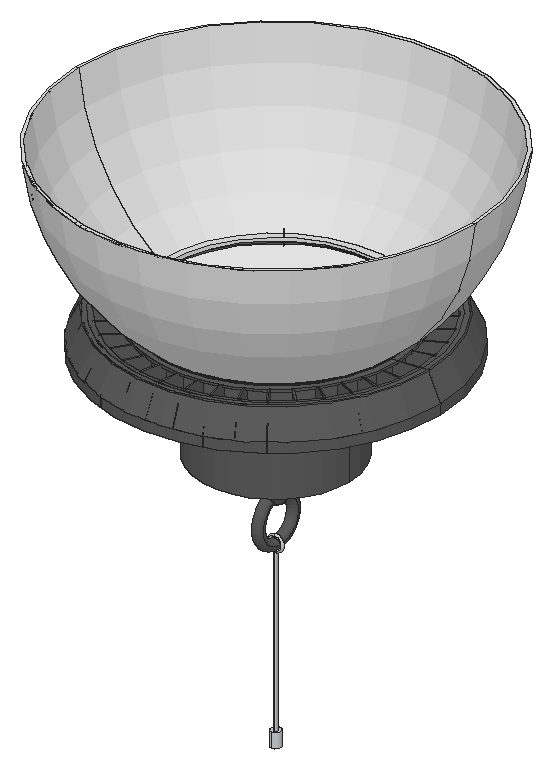
Revit family "0039367+0039359 Sylvania Lighting Fixture START HighBay IP65 DALI 26000lm 840 WB with ALU SHADE ALU COLOR FOR 26KLM pendant", category Lighting Fixtures, host Face, Revit 2017
Family settings
  Host = Face
  Round Connector Dimension = Use Diameter
  Part Type = Normal
  OmniClass Number = 23.80.70.00
  OmniClass Title = Lighting
  Cut with Voids When Loaded = No
  Light Source = Yes
  Shared = No
  Room Calculation Point = No
Parameters (values of type "0039367+0039359 START HighBay IP65 DALI 26000lm 840 WB with ALU SHADE ALU COLOR FOR 26KLM")
  WidthStraight_FEILO = if(SizeS_FEILO, 3 mm, if(SizeM_FEILO, 4 mm, 4.7 mm))  # 4.7 mm
  WidthRingChamfer_FEILO = if(SizeS_FEILO, 10.3 mm, if(SizeM_FEILO, 11.2 mm, 12.9 mm))  # 12.9 mm
  WidthCurved_FEILO = if(SizeS_FEILO, 17.4 mm, if(SizeM_FEILO, 16.4 mm, 26.2 mm))  # 26.2 mm
  WidthCurvedRing_FEILO = if(SizeS_FEILO, 3 mm, if(SizeM_FEILO, 4 mm, 4.7 mm))  # 4.7 mm
  WidthBracket_FEILO = 40 mm
  Weight = "3.7 kg"
  Wattage Comments = ""
  Wattage = 190 W
  WarrantyStartDate [instance] = "n/a"
  WarrantyGuarantorParts = "n/a"
  WarrantyDurationUnit = "n/a"
  WarrantyDurationParts = "n/a"
  WarrantyDescription = "n/a"
  built-in parameter 1150110 = 1 (stored number, unit not read)
  Voltage = 0 V
  VisibilityBracket_FEILO = no
  URL = "http://www.sylvania-lighting.com"
  TypeName = "START HighBay IP65 DALI 26000lm 840 WB with ALU SHADE ALU COLOR FOR 26KLM"
  Type Image = <None>
  Type Comments = "n/a"
  built-in parameter 1114217 = 1 (stored number, unit not read)
  Tilt Angle = -90.00°
  ThicknessWall_FEILO = 1.5 mm
  ThicknessBracket_FEILO = 1.5 mm
  ThicknessBracketHalf_FEILO = ThicknessBracket_FEILO / 2  # 0.75 mm
  built-in parameter 1150109 = 1 (stored number, unit not read)
  built-in parameter 1150134 = 1
  SuspensionHeight_FEILO [instance] = 400 mm
  built-in parameter 1150113 = 1 (stored number, unit not read)
  SizeS_FEILO = no
  SizeM_FEILO = no
  ShadeThickness_FEILO = 3 mm
  ShadeSizeSM_FEILO = or(SizeS_FEILO, SizeM_FEILO)  # no
  ShadeRadiusOut_FEILO = 205 mm
  ShadeRadiusIn_FEILO = if(ShadeSizeSM_FEILO, 95 mm, 121 mm)  # 121 mm
  ShadeRadiusBend_FEILO = if(ShadeSizeSM_FEILO, 210 mm, 210 mm)  # 210 mm
  ShadeHeight_FEILO = if(ShadeSizeSM_FEILO, 120 mm, 151 mm)  # 151 mm
  SerialNumber [instance] = "n/a"
  Rib4_FEILO = if(SizeS_FEILO, 18.1 mm, if(SizeM_FEILO, 13.6 mm, 14.6 mm))  # 14.6 mm
  Rib3_FEILO = if(SizeS_FEILO, 15.3 mm, if(SizeM_FEILO, 17.6 mm, 20.2 mm))  # 20.2 mm
  Rib2_FEILO = if(SizeS_FEILO, 3.6 mm, if(SizeM_FEILO, 3.9 mm, 4.5 mm))  # 4.5 mm
  Rib1_FEILO = if(SizeS_FEILO, 15.1 mm, if(SizeM_FEILO, 16.5 mm, 19 mm))  # 19 mm
  RadiusDiffuser_FEILO = if(SizeS_FEILO, 95.2 mm, if(SizeM_FEILO, 105.3 mm, 120 mm))  # 120 mm
  RadiusArrayPost_FEILO = DriverRadius_FEILO - 6 mm  # 70.4 mm
  RHRadius3_FEILO = if(SizeS_FEILO, 6.6 mm, if(SizeM_FEILO, 7.4 mm, 8.6 mm))  # 8.6 mm
  RHRadius2_FEILO = if(SizeS_FEILO, 11 mm, if(SizeM_FEILO, 12 mm, 14 mm))  # 14 mm
  RHRadius1_FEILO = if(SizeS_FEILO, 13.6 mm, if(SizeM_FEILO, 14.9 mm, 17.7 mm))  # 17.7 mm
  RHHeight4_FEILO = if(SizeS_FEILO, 7.3 mm, if(SizeM_FEILO, 8 mm, 9.2 mm))  # 9.2 mm
  RHHeight3_FEILO = if(SizeS_FEILO, 3.6 mm, if(SizeM_FEILO, 3.7 mm, 4.6 mm))  # 4.6 mm
  RHHeight2_FEILO = if(SizeS_FEILO, 2 mm, if(SizeM_FEILO, 2.2 mm, 2.6 mm))  # 2.6 mm
  RHHeight1_FEILO = if(SizeS_FEILO, 11.8 mm, if(SizeM_FEILO, 15.3 mm, 17.4 mm))  # 17.4 mm
  Photometric Web File = "0039367+0039359.ies"
  Material_5_FEILO = Shade-Sylvania-StartHighbay-Alu
  Material_3_FEILO = LED-Sylvania-StartHighbay-Glow
  PowerFactor = 0.95
  PowerConsumption = "190 W"
  NominalLength = 339 mm
  NominalHeight = 189 mm
  NominalDepth = 339 mm
  Name = "START HighBay IP65 DALI 26000lm 840 WB with ALU SHADE ALU COLOR FOR 26KLM"
  ModelReference = Name  # "START HighBay IP65 DALI 26000lm 840 WB with ALU SHADE ALU COLOR FOR 26KLM"
  ModelNumber = "0039367+0039359"
  Model = Name  # "START HighBay IP65 DALI 26000lm 840 WB with ALU SHADE ALU COLOR FOR 26KLM"
  Material = "aluminium alloy housing, polycarbonate diffuser"
  ManufacturerName = "Feilo Sylvania"
  Manufacturer = "Feilo Sylvania"
  LuminousEfficacy = "130 lm/W"
  built-in parameter 1150105 = 33569.2 (stored number, unit not read)
  Lumens = 24700 lm
  LuminaireType = ""
  built-in parameter 1150115 = 1 (stored number, unit not read)
  LightOutputRatio = "n/a"
  built-in parameter 1150137 = (empty or 0)
  built-in parameter 1150139 = (empty or 0)
  LampsType = Lamp  # "LED"
  LampNominalLuminous = "24700 lm"
  LampMacAdamStep = "6"
  LampColourTemperature = "6500 K"
  LampColourRenderingIndex = "80"
  built-in parameter 1150112 = 1 (stored number, unit not read)
  built-in parameter 1150114 = 1 (stored number, unit not read)
  Lamp = "LED"
  Keynote = "16500"
  InstallationDate [instance] = "n/a"
  InputVoltage = "n/a"
  InputNominalFrequency = "50/60 Hz"
  built-in parameter 1150132 = (empty or 0)
  built-in parameter 1150102 = (empty or 0)
  built-in parameter 1150107 = 6500 (stored number, unit not read)
  built-in parameter 1150138 = (empty or 0)
  IngressProtection = "IP65"
  ImpactProtectionIndex = "IK08"
  built-in parameter 1150106 = 335.69 (stored number, unit not read)
  IfcExportType = "IfcLightFixtureType"
  IfcExportAs = "IfcLightFixtureType"
  HeightRing_FEILO = if(SizeS_FEILO, 19.8 mm, if(SizeM_FEILO, 32 mm, 36.8 mm))  # 36.8 mm
  HeightRingChamfer_FEILO = if(SizeS_FEILO, 11.7 mm, if(SizeM_FEILO, 23.2 mm, 26.6 mm))  # 26.6 mm
  EyeThickness_FEILO = if(SizeS_FEILO, 8.4 mm, if(SizeM_FEILO, 9.2 mm, 10.5 mm))  # 10.5 mm
  EyeThicknessHalf_FEILO = EyeThickness_FEILO / 2  # 5.25 mm
  EyeInner_FEILO = if(SizeS_FEILO, 13.8 mm, if(SizeM_FEILO, 15.1 mm, 17.3 mm))  # 17.3 mm
  ExpectedLife = 50000
  Emit from Circle Diameter = RadiusDiffuser_FEILO * 2  # 240 mm
  Emit Shape Visible in Rendering = no
  ElectricShockClassification = "Class I"
  built-in parameter 1150104 = 12.077 (stored number, unit not read)
  DurationUnit = "hours"
  DriverVerticalStraight_FEILO = if(SizeS_FEILO, 46.5 mm, if(SizeM_FEILO, 49.7 mm, 57 mm))  # 57 mm
  DriverVerticalChamfer_FEILO = if(SizeS_FEILO, 7.5 mm, if(SizeM_FEILO, 8.2 mm, 9.5 mm))  # 9.5 mm
  DriverRadius_FEILO = if(SizeS_FEILO, 61.4 mm, if(SizeM_FEILO, 67.2 mm, 76.4 mm))  # 76.4 mm
  DriverRadiusTop_FEILO = if(SizeS_FEILO, 42 mm, if(SizeM_FEILO, 45.3 mm, 52.4 mm))  # 52.4 mm
  DriverBottom_FEILO = if(SizeS_FEILO, 56 mm, if(SizeM_FEILO, 64.5 mm, 74 mm))  # 74 mm
  DocumentationLiterature = "http://www.sylvania-lighting.com/product/en-int/products/0039367"
  DimmingControlOptions = "Dimmable"
  Material_2_FEILO = Diffuser-Sylvania-StartHighbay-Transparent
  Radius_FEILO = if(SizeS_FEILO, 135 mm, if(SizeM_FEILO, 148 mm, 169.5 mm))  # 169.5 mm
  Dimming Lamp Color Temperature Shift = <None>
  DiameterWire_FEILO = 3 mm
  DiameterWireSupport_FEILO = 10 mm
  Description = "START Highbay, includes 1 m cables, black aluminium housing, 24,700 Lm, 190 W, 130 Lm/W, 6500 K, drive current: 4100 mA, CRI 80, 90° beam angle, DALI dimmable, IP65, IK08, 50,000 hrs (L80/B50), (D x H) 339 x 189 mm."
  Default Elevation = 1219.2 mm
  CreatedOn = "5/15/2018"
  CreatedBy = ""
  Cost = 0
  Color Filter = 16777215
  built-in parameter 1114216 [instance] = (empty or 0)
  ClassificationValue = "EF_70_80"
  ClassificationName = "Uniclass2015"
  Material_1_FEILO = Body-Sylvania-StartHighbay-Black
  BarCode [instance] = "n/a"
  built-in parameter 1114218 = 1 (stored number, unit not read)
  built-in parameter 1150133 = 10 (stored number, unit not read)
  AssetType = "Fixed"
  AssetIdentifier [instance] = "n/a"
  Assembly Code = "D5020200"
  Apparent Load = 190 VA
  Material_4_FEILO = Shade-Sylvania-StartHighbay-Alu
Reference planes
  plane 1 "Center (Front/Back)": y = 0
  plane 2: z = 0
  plane 3 "Center (Left/Right)": x = 0
  plane 4: z = 400
  plane 5: x = -169.5
  plane 6: x = -156.6
  plane 7: z = 373.4
  plane 8: z = 363.2
  plane 9: x = -151.9
  plane 10: z = 397.375
  plane 11: x = -125.7
  plane 12: x = -120
  plane 13: x = -147.2
  plane 14: z = 398.375
  plane 15: z = 396.375
  plane 16: x = -117
  plane 17: z = 395.375
  plane 18: x = -168
  plane 19: x = -150.5
  plane 20: z = 358.7
  plane 21: x = -130.3
  plane 22: z = 344.1
  plane 23: x = -20
  plane 24: z = 326
  plane 25: x = -76.4
  plane 26: z = 269
  plane 27: x = -52.4
  plane 28: z = 259.5
  plane 29: x = -17.7
  plane 30: z = 242.1
  plane 31: z = 239.5
  plane 32: x = -14
  plane 33: z = 234.9
  plane 34: z = 225.7
  plane 35: x = -8.6
  plane 36: z = 208.4
  plane 37: z = 191.1
  plane 38: x = 5.25
  plane 39: x = -5.25
  plane 40: z = 180.6
  plane 41: z = 185.85
  plane 42: x = -162.3
  plane 43: x = -167
  plane 44: z = 361.7
  plane 45: x = -155.1
  plane 46: z = 297.5
  plane 47: y = -20
  plane 48: y = 20
  plane 49: x = 169.5
  plane 50: x = 156.6
  plane 51: x = 168
  plane 52: x = 162.3
  plane 53: x = 167
  plane 54: x = 155.1
  plane 55: z = 194.1
  plane 56: y = 1.5
  plane 57: y = -1.5
  plane 58: z = 192.6
  plane 59: z = 179.1
  plane 60: z = 177.6
  plane 61: y = -5
  plane 62: y = 5
  plane 63: z = 14
  plane 64: x = -205
  plane 65: z = 551
  plane 66: x = -121
  plane 67: x = -113
  plane 68: x = -202
  plane 69: z = 403
Forms (mm)
  Revolve 1, solid, material "Body-Sylvania-StartHighbay-Black" <- "Material_1_FEILO", detail levels medium+fine
    sketch origin (0, 0, 0) x (1, 0, 0) y (0, 0, 1)
      loop
        line (-169.5, 363.2) -> (-168, 363.2) -> (-168, 373.055) -> (-156.206, 397.375) -> (-147.2, 397.375) -> (-147.2, 399.137)
        arc (-147.2, 399.137) -> (-149.554, 399.547) -> (-151.9, 400) r 132.063
        line (-151.9, 400) -> (-156.141, 400)
        arc (-156.141, 400) -> (-156.63, 399.826) -> (-156.899, 399.383) r 0.774
        line (-156.899, 399.383) -> (-169.5, 373.4) -> (-169.5, 363.2)
      axis (0, 400) -> (0, 363.2)
    angle from 360 to 0
  Revolve 2, solid, material "Body-Sylvania-StartHighbay-Black" <- "Material_1_FEILO", detail levels medium+fine
    sketch origin (0, 0, 0) x (1, 0, 0) y (0, 0, 1)
      loop
        line (-125.7, 395.375) -> (-120, 395.375) -> (-120, 373.4) -> (0, 373.4) -> (0, 395.375) -> (-117, 395.375) -> (-117, 396.375) -> (-120, 396.375) -> (-120, 397.375) -> (-125.7, 397.375) -> (-125.7, 395.375)
      axis (0, 397.375) -> (0, 373.4)
    angle from 360 to 0
  Revolve 3, solid, material "Diffuser-Sylvania-StartHighbay-Transparent" <- "Material_2_FEILO", detail levels medium+fine
    sketch origin (0, 0, 0) x (1, 0, 0) y (0, 0, 1)
      loop
        line (-120, 396.375) -> (0, 396.375) -> (0, 398.375) -> (-120, 398.375) -> (-120, 396.375)
      axis (0, 398.375) -> (0, 396.375)
    angle from 360 to 0
  Revolve 4, solid, material "Body-Sylvania-StartHighbay-Black" <- "Material_1_FEILO"
    sketch origin (0, 0, 0) x (1, 0, 0) y (0, 0, 1)
      loop
        line (-76.4, 344.1) -> (-76.4, 269) -> (-52.4, 259.5) -> (-17.7, 259.5) -> (-17.7, 242.1) -> (-14, 239.5) -> (-14, 234.9) -> (-9.037, 226.426)
        arc (-9.037, 226.426) -> (-8.49, 225.894) -> (-7.753, 225.7) r 1.5
        line (-7.753, 225.7) -> (0, 225.7) -> (0, 344.1) -> (-76.4, 344.1)
      axis (0, 344.1) -> (0, 225.7)
    angle from 360 to 0
  Revolve 5, solid, material "Body-Sylvania-StartHighbay-Black" <- "Material_1_FEILO"
    sketch origin (0, 0, 0) x (1, 0, 0) y (0, 0, 1)
      loop
        circle (0, 185.85) r 5.25
      axis (5.25, 208.4) -> (-5.25, 208.4)
    angle from 360 to 0
  Extrusion 6, solid, material "Body-Sylvania-StartHighbay-Black" <- "Material_1_FEILO", visible <- "VisibilityBracket_FEILO"
    sketch origin (0, 0, 0) x (1, 0, 0) y (0, 0, 1)
      loop
        line (-167, 363.2) -> (-167, 361.7) -> (-157.35, 361.7)
        arc (-157.35, 361.7) -> (-156.82, 361.48) -> (-156.6, 360.95) r 0.75
        line (-156.6, 360.95) -> (-156.6, 297.5) -> (-155.1, 297.5) -> (-155.1, 361.7)
        arc (-155.1, 361.7) -> (-155.539, 362.761) -> (-156.6, 363.2) r 1.5
        line (-156.6, 363.2) -> (-167, 363.2)
      loop
        line (167, 363.2) -> (156.6, 363.2)
        arc (156.6, 363.2) -> (155.539, 362.761) -> (155.1, 361.7) r 1.5
        line (155.1, 361.7) -> (155.1, 297.5) -> (156.6, 297.5) -> (156.6, 360.95)
        arc (156.6, 360.95) -> (156.82, 361.48) -> (157.35, 361.7) r 0.75
        line (157.35, 361.7) -> (167, 361.7) -> (167, 363.2)
    from -20 to 20
  Extrusion 7, void
    sketch origin (0, 0, 0) x (0, 1, 0) y (0, 0, 1)
      loop
        arc (-10, 297.5) -> (-17.071, 300.429) -> (-20, 307.5) r 10
        line (-20, 307.5) -> (-25, 307.5) -> (-25, 292.5) -> (-10, 292.5) -> (-10, 297.5)
      loop
        line (10, 297.5) -> (10, 292.5) -> (25, 292.5) -> (25, 307.5) -> (20, 307.5)
        arc (20, 307.5) -> (17.071, 300.429) -> (10, 297.5) r 10
    from -156.6 to 156.6
  Revolve 8, solid, material "Body-Sylvania-StartHighbay-Black" <- "Material_1_FEILO", detail levels coarse
    sketch origin (0, 0, 0) x (1, 0, 0) y (0, 0, 1)
      loop
        line (0, 400) -> (-156.6, 400) -> (-169.5, 373.4) -> (-169.5, 363.2) -> (-150.5, 363.2) -> (-150.5, 358.7) -> (-130.3, 344.1) -> (0, 344.1) -> (0, 400)
      axis (0, 400) -> (0, 344.1)
    angle from 360 to 0
  Revolve 9, solid
    sketch origin (0, 0, 0) x (0, 1, 0) y (0, 0, 1)
      loop
        circle (0, 192.6) r 1.5
      axis (1.5, 185.85) -> (-1.5, 185.85)
    angle from 360 to 0
  Revolve 10, solid
    sketch origin (0, 0, 0) x (0, 1, 0) y (0, 0, 1)
      loop
        line (0, 0) -> (0, 179.1) -> (-1.5, 179.1) -> (-1.5, 14) -> (-5, 14) -> (-5, 0) -> (0, 0)
      axis (0, 0) -> (0, 179.1)
    angle from 360 to 0
  Revolve 11, solid, material "Shade-Sylvania-StartHighbay-Alu" <- "Material_4_FEILO"
    sketch origin (0, 0, 0) x (1, 0, 0) y (0, 0, 1)
      loop
        line (-121, 400) -> (-113, 400) -> (-113, 403) -> (-120.341, 403)
        arc (-120.341, 403) -> (-177.055, 468.269) -> (-202.193, 551) r 207.203
        line (-202.193, 551) -> (-205, 551)
        arc (-205, 551) -> (-179.25, 466.46) -> (-121, 400) r 210
      axis (0, 551) -> (0, 400)
    angle from 360 to 0
Cuts and joins
  Extrusion 7 cuts Extrusion 6
Lines and regions (mm)
  reference lines
    curve 1: line (-169.5, 0, 373.4) -> (-156.6, 0, 400)
    curve 2: line (-125.7, 0, 397.375) -> (0, 0, 397.375)
    curve 3: arc (-125.7, 0, 397.375) -> (-138.866, 0, 398.033) -> (-151.9, 0, 400) r 132.063
    curve 4: line (-156.6, 0, 400) -> (-151.9, 0, 400)
    curve 5: line (-156.206, 0, 397.375) -> (-168, 0, 373.055)
    curve 6: line (-150.5, 0, 358.7) -> (-130.3, 0, 344.1)
    curve 7: line (-14, 0, 234.9) -> (-8.6, 0, 225.7)
    curve 8: circle (0, 0, 185.85) r 5.25 normal (0, -1, 0)
    curve 9: arc (-121, 0, 400) -> (-179.25, 0, 466.46) -> (-205, 0, 551) r 210
Dimensions and locks
  "Radius_FEILO": plane 3 "Center (Left/Right)" to plane 5
  "WidthRingChamfer_FEILO": plane 6 to plane 5
  "WidthStraight_FEILO": plane 9 to plane 6
  "WidthCurvedRing_FEILO": plane 13 to plane 9
  locked: plane 10 to plane 15 at 1
  locked: plane 14 to plane 10 at 1
  locked: plane 4 to plane 10 at 2.625
  locked: plane 15 to plane 17 at 1
  "ThicknessWall_FEILO": plane 18 to plane 5
  "ThicknessWall_FEILO": curve 5 to curve 1
  "HeightRingChamfer_FEILO": plane 4 to plane 7
  "HeightRing_FEILO": plane 4 to plane 8
  "RadiusDiffuser_FEILO": plane 3 "Center (Left/Right)" to plane 12
  locked: plane 16 to plane 12 at 3
  "WidthCurved_FEILO": plane 11 to plane 9
  "SuspensionHeight_FEILO": plane 4 to plane 2
  "Rib1_FEILO": plane 19 to plane 5
  "Rib2_FEILO": plane 8 to plane 20
  "Rib3_FEILO": plane 21 to plane 19
  "Rib4_FEILO": plane 20 to plane 22
  locked: plane 3 "Center (Left/Right)" to plane 23 at 20
  "DriverBottom_FEILO": plane 4 to plane 24
  "DriverRadius_FEILO": plane 3 "Center (Left/Right)" to plane 25
  "DriverVerticalStraight_FEILO": plane 24 to plane 26
  "DriverRadiusTop_FEILO": plane 3 "Center (Left/Right)" to plane 27
  "DriverVerticalChamfer_FEILO": plane 26 to plane 28
  "RHRadius1_FEILO": plane 3 "Center (Left/Right)" to plane 29
  "RHHeight2_FEILO": plane 30 to plane 31
  "RHRadius2_FEILO": plane 3 "Center (Left/Right)" to plane 32
  "RHHeight3_FEILO": plane 31 to plane 33
  "RHHeight4_FEILO": plane 33 to plane 34
  "RHRadius3_FEILO": plane 3 "Center (Left/Right)" to plane 35
  "RHHeight1_FEILO": plane 28 to plane 30
  "EyeInner_FEILO": plane 34 to plane 36
  "EyeInner_FEILO": plane 36 to plane 37
  equal spacing: plane 38, plane 3 "Center (Left/Right)", plane 39
  "EyeThickness_FEILO": plane 38 to plane 39
  "EyeThickness_FEILO": plane 37 to plane 40
  equal spacing: plane 37, plane 41, plane 40
  equal spacing: plane 6, plane 42, plane 18
  "ThicknessBracket_FEILO": plane 45 to plane 6
  "ThicknessBracket_FEILO": plane 8 to plane 44
  locked: plane 43 to plane 18 at 1
  equal spacing: plane 24, plane 46, plane 26
  equal spacing: plane 47, plane 1 "Center (Front/Back)", plane 48
  "WidthBracket_FEILO": plane 47 to plane 48
  "WidthRingChamfer_FEILO": plane 50 to plane 49
  "ThicknessWall_FEILO": plane 51 to plane 49
  equal spacing: plane 50, plane 52, plane 51
  "ThicknessBracket_FEILO": plane 54 to plane 50
  locked: plane 53 to plane 51 at 1
  "Radius_FEILO": plane 49 to plane 3 "Center (Left/Right)"
  equal spacing: plane 57, imposter light, plane 56
  "DiameterWire_FEILO": plane 57 to plane 56
  "DiameterWire_FEILO": plane 37 to plane 55
  equal spacing: plane 37, plane 58, plane 55
  "DiameterWire_FEILO": plane 60 to plane 40
  equal spacing: plane 60, plane 59, plane 40
  equal spacing: plane 61, plane 1 "Center (Front/Back)", plane 62
  "DiameterWireSupport_FEILO": plane 61 to plane 62
  locked: plane 63 to plane 2 at 14
  "ShadeRadiusOut_FEILO": plane 3 "Center (Left/Right)" to plane 64
  "ShadeHeight_FEILO": plane 65 to plane 4
  "ShadeRadiusIn_FEILO": plane 3 "Center (Left/Right)" to plane 66
  locked: plane 67 to plane 66 at 8
  "ShadeThickness_FEILO": plane 69 to plane 4
  "ShadeThickness_FEILO": plane 68 to plane 64
  "EyeThicknessHalf_FEILO": radius of curve 8
  "ThicknessBracket_FEILO": radius of Extrusion 6 sketch curve  (x2)
  "ThicknessBracketHalf_FEILO": radius of Extrusion 6 sketch curve  (x2)
  "DiameterWire_FEILO": diameter of Revolve 9 sketch curve
  "ShadeRadiusBend_FEILO": radius of curve 9
  aligned and locked: plane 2 to host face
  aligned and locked: level to host face
  aligned and locked: plane 5 to curve 1
  aligned and locked: plane 6 to curve 1
  aligned and locked: plane 7 to curve 1
  aligned and locked: plane 10 to curve 2
  aligned and locked: plane 9 to curve 3
  aligned and locked: plane 4 to curve 3
  aligned and locked: plane 11 to curve 3
  aligned and locked: plane 4 to curve 4
  aligned and locked: plane 18 to curve 5
  aligned and locked: plane 10 to curve 5
  aligned and locked: Revolve 1 sketch curve to plane 3 "Center (Left/Right)"
  aligned and locked: Revolve 1 sketch curve to curve 3
  aligned and locked: Revolve 1 sketch curve to curve 1
  aligned and locked: plane 4 to Revolve 1 sketch curve
  aligned and locked: plane 9 to Revolve 1 sketch curve
  aligned and locked: Revolve 1 sketch curve to plane 13
  aligned and locked: Revolve 1 sketch curve to plane 10
  aligned and locked: plane 13 to Revolve 1 sketch curve
  aligned and locked: plane 10 to Revolve 1 sketch curve
  aligned and locked: Revolve 1 sketch curve to plane 18
  aligned and locked: Revolve 1 sketch curve to plane 8
  aligned and locked: plane 5 to Revolve 1 sketch curve  (x2)
  aligned and locked: Revolve 2 sketch curve to plane 3 "Center (Left/Right)"
  aligned and locked: plane 11 to Revolve 2 sketch curve
  aligned and locked: Revolve 2 sketch curve to curve 2
  aligned and locked: plane 15 to Revolve 2 sketch curve
  aligned and locked: Revolve 2 sketch curve to plane 16
  aligned and locked: plane 17 to Revolve 2 sketch curve  (x2)
  aligned and locked: Revolve 2 sketch curve to plane 12
  aligned and locked: plane 7 to Revolve 2 sketch curve
  aligned and locked: Revolve 3 sketch curve to plane 3 "Center (Left/Right)"
  aligned and locked: Revolve 3 sketch curve to plane 14
  aligned and locked: plane 3 "Center (Left/Right)" to Revolve 3 sketch curve
  aligned and locked: Revolve 3 sketch curve to plane 12
  aligned and locked: plane 15 to Revolve 3 sketch curve
  aligned and locked: Revolve 1 sketch curve to curve 5
  aligned and locked: plane 22 to curve 6
  aligned and locked: plane 21 to curve 6
  aligned and locked: plane 20 to curve 6
  aligned and locked: plane 19 to curve 6
  aligned and locked: plane 33 to curve 7
  aligned and locked: plane 32 to curve 7
  aligned and locked: plane 35 to curve 7
  aligned and locked: plane 34 to curve 7
  aligned and locked: Revolve 4 sketch curve to plane 3 "Center (Left/Right)"
  aligned and locked: Revolve 4 sketch curve to plane 25
  aligned and locked: plane 27 to Revolve 4 sketch curve
  aligned and locked: plane 28 to Revolve 4 sketch curve
  aligned and locked: plane 30 to Revolve 4 sketch curve
  aligned and locked: Revolve 4 sketch curve to plane 29
  aligned and locked: plane 31 to Revolve 4 sketch curve
  aligned and locked: Revolve 4 sketch curve to curve 7
  aligned and locked: Revolve 4 sketch curve to plane 32
  aligned and locked: plane 34 to Revolve 4 sketch curve
  aligned and locked: plane 3 "Center (Left/Right)" to Revolve 4 sketch curve
  aligned and locked: plane 3 "Center (Left/Right)" to curve 8
  aligned and locked: plane 41 to curve 8
  aligned and locked: Revolve 5 sketch curve to plane 36
  aligned and locked: Revolve 5 sketch curve to curve 8
  aligned and locked: plane 43 to Extrusion 6 sketch curve  (x2)
  aligned and locked: plane 8 to Extrusion 6 sketch curve  (x3)
  aligned and locked: Extrusion 6 sketch curve to plane 45
  aligned and locked: Extrusion 6 sketch curve to plane 46  (x2)
  aligned and locked: plane 6 to Extrusion 6 sketch curve
  aligned and locked: Extrusion 6 sketch curve to plane 44  (x2)
  aligned and locked: Extrusion 6 to plane 48
  aligned and locked: plane 47 to Extrusion 6
  aligned and locked: plane 53 to Extrusion 6 sketch curve
  aligned and locked: plane 50 to Extrusion 6 sketch curve
  aligned and locked: Extrusion 6 sketch curve to plane 54
  aligned and locked: Extrusion 7 sketch curve to Extrusion 7 sketch curve
  aligned and locked: Extrusion 7 to plane 6
  aligned and locked: Extrusion 7 to Extrusion 6
  aligned and locked: Revolve 4 sketch curve to plane 22
  aligned and locked: plane 23 to nested 1
  aligned and locked: plane 1 "Center (Front/Back)" to nested 1
  aligned and locked: Revolve 8 sketch curve to plane 3 "Center (Left/Right)"
  aligned and locked: Revolve 8 sketch curve to plane 4
  aligned and locked: plane 6 to Revolve 8 sketch curve
  aligned and locked: plane 4 to Revolve 8 sketch curve
  aligned and locked: plane 7 to Revolve 8 sketch curve
  aligned and locked: Revolve 8 sketch curve to plane 5
  aligned and locked: plane 8 to Revolve 8 sketch curve  (x2)
  aligned and locked: Revolve 8 sketch curve to plane 19
  aligned and locked: plane 20 to Revolve 8 sketch curve
  aligned and locked: plane 19 to Revolve 8 sketch curve
  aligned and locked: plane 21 to Revolve 8 sketch curve
  aligned and locked: plane 22 to Revolve 8 sketch curve  (x2)
  aligned and locked: Revolve 8 sketch curve to Revolve 8 sketch curve
  aligned and locked: imposter light to plane 4
  aligned and locked: plane 3 "Center (Left/Right)" to imposter light
  aligned and locked: imposter light to plane 1 "Center (Front/Back)"
  aligned and locked: Revolve 9 sketch curve to plane 41
  aligned and locked: Revolve 10 sketch curve to plane 1 "Center (Front/Back)"
  aligned and locked: plane 1 "Center (Front/Back)" to Revolve 10 sketch curve  (x2)
  aligned and locked: host face to Revolve 10 sketch curve
  aligned and locked: plane 63 to Revolve 10 sketch curve
  aligned and locked: Revolve 10 sketch curve to plane 61
  aligned and locked: Revolve 10 sketch curve to plane 57
  aligned and locked: plane 59 to Revolve 10 sketch curve
  aligned and locked: plane 64 to curve 9
  aligned and locked: plane 65 to curve 9
  aligned and locked: plane 66 to curve 9
  aligned and locked: plane 4 to curve 9
  aligned and locked: Revolve 11 sketch curve to curve 9
  aligned and locked: plane 67 to Revolve 11 sketch curve
  aligned and locked: plane 66 to Revolve 11 sketch curve
  aligned and locked: plane 65 to Revolve 11 sketch curve  (x2)
  aligned and locked: Revolve 11 sketch curve to plane 67
  aligned and locked: plane 69 to Revolve 11 sketch curve
Automatic sketch dimensions
  host sketch curve to host sketch curve = 2438.4 mm  (x2)
  Revolve 1 sketch curve to plane 6 = 0.299 mm
  plane 6 to Revolve 1 sketch curve = 0.459 mm
  Revolve 1 sketch curve to level = 609.6 mm
  Revolve 1 sketch curve to Revolve 1 sketch curve = 2312.223 mm
  Revolve 2 sketch curve to plane 12 = 0 mm
  Revolve 2 sketch curve to plane 3 "Center (Left/Right)" = 0 mm
  Revolve 2 sketch curve to level = 609.6 mm
  Revolve 2 sketch curve to plane 4 = 2339.058 mm
  Revolve 3 sketch curve to level = 609.6 mm
  Revolve 3 sketch curve to plane 4 = 2339.058 mm
  Revolve 5 sketch curve to plane 5 = 1080 mm
  plane 38 to Revolve 5 sketch curve = 1219.2 mm
  Extrusion 7 sketch curve to plane 47 = 0 mm
  plane 46 to Extrusion 7 sketch curve = 0 mm  (x2)
  Extrusion 7 sketch curve to plane 48 = 0 mm
  plane 47 to Extrusion 7 sketch curve = 5 mm
  plane 1 "Center (Front/Back)" to Extrusion 7 sketch curve = 10 mm
  Extrusion 7 sketch curve to Extrusion 7 sketch curve = 10 mm
  plane 46 to Extrusion 7 sketch curve = 5 mm
  Extrusion 7 sketch curve to Extrusion 7 sketch curve = 5 mm
  Extrusion 7 sketch curve to plane 48 = 5 mm
  Revolve 4 sketch curve to plane 26 = 0 mm
  Revolve 4 sketch curve to plane 35 = 0.437 mm
  plane 35 to Revolve 4 sketch curve = 0.847 mm
  Revolve 4 sketch curve to plane 34 = 0.726 mm
  plane 40 to Revolve 4 sketch curve = 590.2 mm
  Revolve 4 sketch curve to plane 4 = 2339.058 mm
  Revolve 8 sketch curve to level = 609.6 mm
  Revolve 8 sketch curve to Revolve 8 sketch curve = 2386.058 mm
  Revolve 9 sketch curve to plane 1 "Center (Front/Back)" = 0 mm
  plane 58 to Revolve 9 sketch curve = 0 mm
  plane 47 to Revolve 9 sketch curve = 2534.941 mm
  Revolve 9 sketch curve to plane 48 = 2077.409 mm
  Revolve 10 sketch curve to Revolve 10 sketch curve = 609.6 mm
  Revolve 10 sketch curve to plane 4 = 2123.807 mm
  curve 2 to plane 3 "Center (Left/Right)" = 0 mm
  Revolve 11 sketch curve to Revolve 11 sketch curve = 0 mm  (x2)
  Revolve 11 sketch curve to plane 3 "Center (Left/Right)" = 0 mm
  plane 66 to Revolve 11 sketch curve = 0.659 mm
  Revolve 11 sketch curve to level = 609.6 mm
  Revolve 11 sketch curve to Revolve 11 sketch curve = 2068.248 mm
Nested families
  nested 1: "Start Highbay Rib" at (0, 0, 397.375), type "Type Name", detail levels medium+fine
    with SuspensionHeight_FEILO 2.6 mm
  nested 2: "Start Highbay Rib" at (0, 0, 397.375) x (0.9877, 0.1564, 0) z (0, 0, 1), type "Type Name", detail levels medium+fine
    with SuspensionHeight_FEILO 2.6 mm
  nested 3: "Start Highbay Rib" at (0, 0, 397.375) x (0.9511, 0.309, 0) z (0, 0, 1), type "Type Name", detail levels medium+fine
    with SuspensionHeight_FEILO 2.6 mm
  nested 4: "Start Highbay Rib" at (0, 0, 397.375) x (0.891, 0.454, 0) z (0, 0, 1), type "Type Name", detail levels medium+fine
    with SuspensionHeight_FEILO 2.6 mm
  nested 5: "Start Highbay Rib" at (0, 0, 397.375) x (0.809, 0.5878, 0) z (0, 0, 1), type "Type Name", detail levels medium+fine
    with SuspensionHeight_FEILO 2.6 mm
  nested 6: "Start Highbay Rib" at (0, 0, 397.375) x (0.7071, 0.7071, 0) z (0, 0, 1), type "Type Name", detail levels medium+fine
    with SuspensionHeight_FEILO 2.6 mm
  nested 7: "Start Highbay Rib" at (0, 0, 397.375) x (0.5878, 0.809, 0) z (0, 0, 1), type "Type Name", detail levels medium+fine
    with SuspensionHeight_FEILO 2.6 mm
  nested 8: "Start Highbay Rib" at (0, 0, 397.375) x (0.454, 0.891, 0) z (0, 0, 1), type "Type Name", detail levels medium+fine
    with SuspensionHeight_FEILO 2.6 mm
  nested 9: "Start Highbay Rib" at (0, 0, 397.375) x (0.309, 0.9511, 0) z (0, 0, 1), type "Type Name", detail levels medium+fine
    with SuspensionHeight_FEILO 2.6 mm
  nested 10: "Start Highbay Rib" at (0, 0, 397.375) x (0.1564, 0.9877, 0) z (0, 0, 1), type "Type Name", detail levels medium+fine
    with SuspensionHeight_FEILO 2.6 mm
  nested 11: "Start Highbay Rib" at (0, 0, 397.375) x (0, 1, 0) z (0, 0, 1), type "Type Name", detail levels medium+fine
    with SuspensionHeight_FEILO 2.6 mm
  nested 12: "Start Highbay Rib" at (0, 0, 397.375) x (-0.1564, 0.9877, 0) z (0, 0, 1), type "Type Name", detail levels medium+fine
    with SuspensionHeight_FEILO 2.6 mm
  nested 13: "Start Highbay Rib" at (0, 0, 397.375) x (-0.309, 0.9511, 0) z (0, 0, 1), type "Type Name", detail levels medium+fine
    with SuspensionHeight_FEILO 2.6 mm
  nested 14: "Start Highbay Rib" at (0, 0, 397.375) x (-0.454, 0.891, 0) z (0, 0, 1), type "Type Name", detail levels medium+fine
    with SuspensionHeight_FEILO 2.6 mm
  nested 15: "Start Highbay Rib" at (0, 0, 397.375) x (-0.5878, 0.809, 0) z (0, 0, 1), type "Type Name", detail levels medium+fine
    with SuspensionHeight_FEILO 2.6 mm
  nested 16: "Start Highbay Rib" at (0, 0, 397.375) x (-0.7071, 0.7071, 0) z (0, 0, 1), type "Type Name", detail levels medium+fine
    with SuspensionHeight_FEILO 2.6 mm
  nested 17: "Start Highbay Rib" at (0, 0, 397.375) x (-0.809, 0.5878, 0) z (0, 0, 1), type "Type Name", detail levels medium+fine
    with SuspensionHeight_FEILO 2.6 mm
  nested 18: "Start Highbay Rib" at (0, 0, 397.375) x (-0.891, 0.454, 0) z (0, 0, 1), type "Type Name", detail levels medium+fine
    with SuspensionHeight_FEILO 2.6 mm
  nested 19: "Start Highbay Rib" at (0, 0, 397.375) x (-0.9511, 0.309, 0) z (0, 0, 1), type "Type Name", detail levels medium+fine
    with SuspensionHeight_FEILO 2.6 mm
  nested 20: "Start Highbay Rib" at (0, 0, 397.375) x (-0.9877, 0.1564, 0) z (0, 0, 1), type "Type Name", detail levels medium+fine
    with SuspensionHeight_FEILO 2.6 mm
  nested 21: "Start Highbay Rib" at (0, 0, 397.375) x (-1, 0, 0) z (0, 0, 1), type "Type Name", detail levels medium+fine
    with SuspensionHeight_FEILO 2.6 mm
  nested 22: "Start Highbay Rib" at (0, 0, 397.375) x (-0.9877, -0.1564, 0) z (0, 0, 1), type "Type Name", detail levels medium+fine
    with SuspensionHeight_FEILO 2.6 mm
  nested 23: "Start Highbay Rib" at (0, 0, 397.375) x (-0.9511, -0.309, 0) z (0, 0, 1), type "Type Name", detail levels medium+fine
    with SuspensionHeight_FEILO 2.6 mm
  nested 24: "Start Highbay Rib" at (0, 0, 397.375) x (-0.891, -0.454, 0) z (0, 0, 1), type "Type Name", detail levels medium+fine
    with SuspensionHeight_FEILO 2.6 mm
  nested 25: "Start Highbay Rib" at (0, 0, 397.375) x (-0.809, -0.5878, 0) z (0, 0, 1), type "Type Name", detail levels medium+fine
    with SuspensionHeight_FEILO 2.6 mm
  nested 26: "Start Highbay Rib" at (0, 0, 397.375) x (-0.7071, -0.7071, 0) z (0, 0, 1), type "Type Name", detail levels medium+fine
    with SuspensionHeight_FEILO 2.6 mm
  nested 27: "Start Highbay Rib" at (0, 0, 397.375) x (-0.5878, -0.809, 0) z (0, 0, 1), type "Type Name", detail levels medium+fine
    with SuspensionHeight_FEILO 2.6 mm
  nested 28: "Start Highbay Rib" at (0, 0, 397.375) x (-0.454, -0.891, 0) z (0, 0, 1), type "Type Name", detail levels medium+fine
    with SuspensionHeight_FEILO 2.6 mm
  nested 29: "Start Highbay Rib" at (0, 0, 397.375) x (-0.309, -0.9511, 0) z (0, 0, 1), type "Type Name", detail levels medium+fine
    with SuspensionHeight_FEILO 2.6 mm
  nested 30: "Start Highbay Rib" at (0, 0, 397.375) x (-0.1564, -0.9877, 0) z (0, 0, 1), type "Type Name", detail levels medium+fine
    with SuspensionHeight_FEILO 2.6 mm
  nested 31: "Start Highbay Rib" at (0, 0, 397.375) x (0, -1, 0) z (0, 0, 1), type "Type Name", detail levels medium+fine
    with SuspensionHeight_FEILO 2.6 mm
  nested 32: "Start Highbay Rib" at (0, 0, 397.375) x (0.1564, -0.9877, 0) z (0, 0, 1), type "Type Name", detail levels medium+fine
    with SuspensionHeight_FEILO 2.6 mm
  nested 33: "Start Highbay Rib" at (0, 0, 397.375) x (0.309, -0.9511, 0) z (0, 0, 1), type "Type Name", detail levels medium+fine
    with SuspensionHeight_FEILO 2.6 mm
  nested 34: "Start Highbay Rib" at (0, 0, 397.375) x (0.454, -0.891, 0) z (0, 0, 1), type "Type Name", detail levels medium+fine
    with SuspensionHeight_FEILO 2.6 mm
  nested 35: "Start Highbay Rib" at (0, 0, 397.375) x (0.5878, -0.809, 0) z (0, 0, 1), type "Type Name", detail levels medium+fine
    with SuspensionHeight_FEILO 2.6 mm
  nested 36: "Start Highbay Rib" at (0, 0, 397.375) x (0.7071, -0.7071, 0) z (0, 0, 1), type "Type Name", detail levels medium+fine
    with SuspensionHeight_FEILO 2.6 mm
  nested 37: "Start Highbay Rib" at (0, 0, 397.375) x (0.809, -0.5878, 0) z (0, 0, 1), type "Type Name", detail levels medium+fine
    with SuspensionHeight_FEILO 2.6 mm
  nested 38: "Start Highbay Rib" at (0, 0, 397.375) x (0.891, -0.454, 0) z (0, 0, 1), type "Type Name", detail levels medium+fine
    with SuspensionHeight_FEILO 2.6 mm
  nested 39: "Start Highbay Rib" at (0, 0, 397.375) x (0.9511, -0.309, 0) z (0, 0, 1), type "Type Name", detail levels medium+fine
    with SuspensionHeight_FEILO 2.6 mm
  nested 40: "Start Highbay Rib" at (0, 0, 397.375) x (0.9877, -0.1564, 0) z (0, 0, 1), type "Type Name", detail levels medium+fine
    with SuspensionHeight_FEILO 2.6 mm
Connectors
  electrical at (0, 0, 0), driven by "Apparent Load", driven by "PowerFactor", driven by "Voltage"
    settings: index 1, voltage 0 V, apparent load 190 VA, apparent load phase1 0 VA, apparent load phase2 0 VA, apparent load phase3 0 VA, power factor 0.95, load classification "Lighting", number of poles 1, system type 30, power factor state 1, is connector primary yes, connector utility no, sub classification motor no, connector description ""
Definition of nested family "Start Highbay Rib"
  Parameters (values of type "Type Name")
    WidthStraight_FEILO = if(SizeS_FEILO, 3 mm, if(SizeM_FEILO, 4 mm, 4.7 mm))  # 3 mm
    WidthRingChamfer_FEILO = if(SizeS_FEILO, 10.3 mm, if(SizeM_FEILO, 11.2 mm, 12.9 mm))  # 10.3 mm
    WidthCurved_FEILO = if(SizeS_FEILO, 17.4 mm, if(SizeM_FEILO, 16.4 mm, 26.2 mm))  # 17.4 mm
    WidthCurvedRing_FEILO = if(SizeS_FEILO, 3 mm, if(SizeM_FEILO, 4 mm, 4.7 mm))  # 3 mm
    WidthBracket_FEILO = 40 mm
    URL = "http://www.feilosylvania.com"
    Type Image = (empty or 0)
    Type Comments = "n/a"
    ThicknessWall_FEILO = 1.5 mm
    ThicknessBracket_FEILO = 1.5 mm
    ThicknessBracketHalf_FEILO = ThicknessBracket_FEILO / 2  # 0.75 mm
    SuspensionHeight_FEILO [instance] = 2.6 mm
    SizeS_FEILO = yes
    SizeM_FEILO = no
    Rib4_FEILO = if(SizeS_FEILO, 18.1 mm, if(SizeM_FEILO, 13.6 mm, 14.6 mm))  # 18.1 mm
    Rib3_FEILO = if(SizeS_FEILO, 15.3 mm, if(SizeM_FEILO, 17.6 mm, 20.2 mm))  # 15.3 mm
    Rib2_FEILO = if(SizeS_FEILO, 3.6 mm, if(SizeM_FEILO, 3.9 mm, 4.5 mm))  # 3.6 mm
    Rib1_FEILO = if(SizeS_FEILO, 15.1 mm, if(SizeM_FEILO, 16.5 mm, 19 mm))  # 15.1 mm
    RadiusRib_FEILO = 2 mm
    RadiusDiffuser_FEILO = if(SizeS_FEILO, 95.2 mm, if(SizeM_FEILO, 105.3 mm, 120 mm))  # 95.2 mm
    RHRadius3_FEILO = if(SizeS_FEILO, 6.6 mm, if(SizeM_FEILO, 7.4 mm, 8.6 mm))  # 6.6 mm
    RHRadius2_FEILO = if(SizeS_FEILO, 11 mm, if(SizeM_FEILO, 12 mm, 14 mm))  # 11 mm
    RHRadius1_FEILO = if(SizeS_FEILO, 13.6 mm, if(SizeM_FEILO, 14.9 mm, 17.7 mm))  # 13.6 mm
    RHHeight4_FEILO = if(SizeS_FEILO, 7.3 mm, if(SizeM_FEILO, 8 mm, 9.2 mm))  # 7.3 mm
    RHHeight3_FEILO = if(SizeS_FEILO, 3.6 mm, if(SizeM_FEILO, 3.7 mm, 4.6 mm))  # 3.6 mm
    RHHeight2_FEILO = if(SizeS_FEILO, 2 mm, if(SizeM_FEILO, 2.2 mm, 2.6 mm))  # 2 mm
    RHHeight1_FEILO = if(SizeS_FEILO, 11.8 mm, if(SizeM_FEILO, 15.3 mm, 17.4 mm))  # 11.8 mm
    Material_3_FEILO = none
    Model = ""
    Manufacturer = "Feilo Sylvania"
    Keynote = "16500"
    HeightRing_FEILO = if(SizeS_FEILO, 19.8 mm, if(SizeM_FEILO, 32 mm, 36.8 mm))  # 19.8 mm
    HeightRingChamfer_FEILO = if(SizeS_FEILO, 11.7 mm, if(SizeM_FEILO, 23.2 mm, 26.6 mm))  # 11.7 mm
    EyeThickness_FEILO = if(SizeS_FEILO, 8.4 mm, if(SizeM_FEILO, 9.2 mm, 10.5 mm))  # 8.4 mm
    EyeThicknessHalf_FEILO = EyeThickness_FEILO / 2  # 4.2 mm
    EyeInner_FEILO = if(SizeS_FEILO, 13.8 mm, if(SizeM_FEILO, 15.1 mm, 17.3 mm))  # 13.8 mm
    DriverVerticalStraight_FEILO = if(SizeS_FEILO, 46.5 mm, if(SizeM_FEILO, 49.7 mm, 57 mm))  # 46.5 mm
    DriverVerticalChamfer_FEILO = if(SizeS_FEILO, 7.5 mm, if(SizeM_FEILO, 8.2 mm, 9.5 mm))  # 7.5 mm
    DriverRadius_FEILO = if(SizeS_FEILO, 61.4 mm, if(SizeM_FEILO, 67.2 mm, 76.4 mm))  # 61.4 mm
    DriverRadiusTop_FEILO = if(SizeS_FEILO, 42 mm, if(SizeM_FEILO, 45.3 mm, 52.4 mm))  # 42 mm
    DriverBottom_FEILO = if(SizeS_FEILO, 56 mm, if(SizeM_FEILO, 64.5 mm, 74 mm))  # 56 mm
    Material_2_FEILO = none
    Radius_FEILO = if(SizeS_FEILO, 135 mm, if(SizeM_FEILO, 148 mm, 169.5 mm))  # 135 mm
    Description = ""
    Default Elevation = 1219.2 mm
    Cost = 0
    Material_1_FEILO = none
    Assembly Code = "D5020200"
    Material_4_FEILO = none
  Reference planes
    plane 1 "Center (Front/Back)": y = 0
    plane 2: z = 0
    plane 3 "Center (Left/Right)": x = 0
    plane 4: z = 2.6
    plane 5: x = -135
    plane 6: x = -124.7
    plane 7: z = -9.1
    plane 8: z = -17.2
    plane 9: x = -121.7
    plane 10: z = -0.025
    plane 11: x = -104.3
    plane 12: x = -95.2
    plane 13: x = -118.7
    plane 14: z = 0.975
    plane 15: z = -1.025
    plane 16: x = -92.2
    plane 17: z = -2.025
    plane 18: x = -133.5
    plane 19: x = -119.9
    plane 20: z = -20.8
    plane 21: x = -104.6
    plane 22: z = -38.9
    plane 23: x = -20
    plane 24: z = -53.4
    plane 25: x = -61.4
    plane 26: z = -99.9
    plane 27: x = -42
    plane 28: z = -107.4
    plane 29: x = -13.6
    plane 30: z = -119.2
    plane 31: z = -121.2
    plane 32: x = -11
    plane 33: z = -124.8
    plane 34: z = -132.1
    plane 35: x = -6.6
    plane 36: z = -145.9
    plane 37: z = -159.7
    plane 38: x = 4.2
    plane 39: x = -4.2
    plane 40: z = -168.1
    plane 41: z = -163.9
    plane 42: x = -129.1
    plane 43: x = -132.5
    plane 44: z = -18.7
    plane 45: x = -123.2
    plane 46: z = -76.65
    plane 47: y = -20
    plane 48: y = 20
    plane 49: x = 135
    plane 50: x = 124.7
    plane 51: x = 133.5
    plane 52: x = 129.1
    plane 53: x = 132.5
    plane 54: x = 123.2
    plane 55: y = 0.75
    plane 56: y = -0.75
  Forms (mm)
    Extrusion 1, solid
      sketch origin (4.2, 0, 0) x (1, 0, 0) y (0, 1, 0)
        loop
          line (-1219.2, 1219.2) -> (-1219.2, -1219.2) -> (1219.2, -1219.2) -> (1219.2, 1219.2) -> (-1219.2, 1219.2)
      from 0 to -68.017
    Extrusion 2, solid, material <- "Material_1_FEILO"
      sketch origin (0, 0, 0) x (1, 0, 0) y (0, 0, 1)
        loop
          arc (-104.3, -0.025) -> (-111.555, 0.423) -> (-118.7, 1.76) r 58.981
          line (-118.7, 1.76) -> (-118.7, -0.025) -> (-125.012, -0.025) -> (-133.5, -9.666) -> (-133.5, -17.2) -> (-119.9, -17.2) -> (-119.9, -20.068)
          arc (-119.9, -20.068) -> (-119.778, -20.755) -> (-119.427, -21.359) r 2
          line (-119.427, -21.359) -> (-104.966, -38.467)
          arc (-104.966, -38.467) -> (-104.381, -38.789) -> (-103.723, -38.9) r 2
          line (-103.723, -38.9) -> (-20, -38.9) -> (-20, -9.1) -> (-95.2, -9.1) -> (-95.2, -2.025) -> (-104.3, -2.025) -> (-104.3, -0.025)
      from -0.75 to 0.75
  Lines and regions (mm)
    reference lines
      curve 1: line (-135, 0, -9.1) -> (-124.7, 0, 2.6)
      curve 2: line (-104.3, 0, -0.025) -> (0, 0, -0.025)
      curve 3: arc (-104.3, 0, -0.025) -> (-113.098, 0, 0.635) -> (-121.7, 0, 2.6) r 58.981
      curve 4: line (-124.7, 0, 2.6) -> (-121.7, 0, 2.6)
      curve 5: line (-125.012, 0, -0.025) -> (-133.5, 0, -9.666)
      curve 6: line (-119.9, 0, -20.8) -> (-104.6, 0, -38.9)
  Dimensions and locks
    "Radius_FEILO": plane 3 "Center (Left/Right)" to plane 5
    "WidthRingChamfer_FEILO": plane 6 to plane 5
    "WidthStraight_FEILO": plane 9 to plane 6
    "WidthCurvedRing_FEILO": plane 13 to plane 9
    locked: plane 10 to plane 15 at 1
    locked: plane 14 to plane 10 at 1
    locked: plane 4 to plane 10 at 2.625
    locked: plane 15 to plane 17 at 1
    "ThicknessWall_FEILO": plane 18 to plane 5
    "ThicknessWall_FEILO": curve 5 to curve 1
    "HeightRingChamfer_FEILO": plane 4 to plane 7
    "HeightRing_FEILO": plane 4 to plane 8
    "RadiusDiffuser_FEILO": plane 3 "Center (Left/Right)" to plane 12
    locked: plane 16 to plane 12 at 3
    "WidthCurved_FEILO": plane 11 to plane 9
    "SuspensionHeight_FEILO": plane 4 to plane 2
    "Rib1_FEILO": plane 19 to plane 5
    "Rib2_FEILO": plane 8 to plane 20
    "Rib3_FEILO": plane 21 to plane 19
    "Rib4_FEILO": plane 20 to plane 22
    locked: plane 3 "Center (Left/Right)" to plane 23 at 20
    "DriverBottom_FEILO": plane 4 to plane 24
    "DriverRadius_FEILO": plane 3 "Center (Left/Right)" to plane 25
    "DriverVerticalStraight_FEILO": plane 24 to plane 26
    "DriverRadiusTop_FEILO": plane 3 "Center (Left/Right)" to plane 27
    "DriverVerticalChamfer_FEILO": plane 26 to plane 28
    "RHRadius1_FEILO": plane 3 "Center (Left/Right)" to plane 29
    "RHHeight2_FEILO": plane 30 to plane 31
    "RHRadius2_FEILO": plane 3 "Center (Left/Right)" to plane 32
    "RHHeight3_FEILO": plane 31 to plane 33
    "RHHeight4_FEILO": plane 33 to plane 34
    "RHRadius3_FEILO": plane 3 "Center (Left/Right)" to plane 35
    "RHHeight1_FEILO": plane 28 to plane 30
    "EyeInner_FEILO": plane 34 to plane 36
    "EyeInner_FEILO": plane 36 to plane 37
    equal spacing: plane 38, plane 3 "Center (Left/Right)", plane 39
    "EyeThickness_FEILO": plane 38 to plane 39
    "EyeThickness_FEILO": plane 37 to plane 40
    equal spacing: plane 37, plane 41, plane 40
    equal spacing: plane 6, plane 42, plane 18
    "ThicknessBracket_FEILO": plane 45 to plane 6
    "ThicknessBracket_FEILO": plane 8 to plane 44
    locked: plane 43 to plane 18 at 1
    equal spacing: plane 24, plane 46, plane 26
    equal spacing: plane 47, plane 1 "Center (Front/Back)", plane 48
    "WidthBracket_FEILO": plane 47 to plane 48
    "WidthRingChamfer_FEILO": plane 50 to plane 49
    "ThicknessWall_FEILO": plane 51 to plane 49
    equal spacing: plane 50, plane 52, plane 51
    "ThicknessBracket_FEILO": plane 54 to plane 50
    locked: plane 53 to plane 51 at 1
    "Radius_FEILO": plane 49 to plane 3 "Center (Left/Right)"
    equal spacing: plane 56, plane 1 "Center (Front/Back)", plane 55
    "ThicknessWall_FEILO": plane 56 to plane 55
    "RadiusRib_FEILO": radius of Extrusion 2 sketch curve  (x2)
    aligned and locked: plane 2 to Extrusion 1
    aligned and locked: level to Extrusion 1
    aligned and locked: plane 5 to curve 1
    aligned and locked: plane 6 to curve 1
    aligned and locked: plane 7 to curve 1
    aligned and locked: plane 10 to curve 2
    aligned and locked: plane 9 to curve 3
    aligned and locked: plane 4 to curve 3
    aligned and locked: plane 11 to curve 3
    aligned and locked: plane 4 to curve 4
    aligned and locked: plane 18 to curve 5
    aligned and locked: plane 10 to curve 5
    aligned and locked: plane 22 to curve 6
    aligned and locked: plane 21 to curve 6
    aligned and locked: plane 20 to curve 6
    aligned and locked: plane 19 to curve 6
    aligned and locked: Extrusion 2 sketch curve to plane 23
    aligned and locked: Extrusion 2 sketch curve to plane 22
    aligned and locked: Extrusion 2 sketch curve to curve 6
    aligned and locked: plane 19 to Extrusion 2 sketch curve
    aligned and locked: Extrusion 2 sketch curve to plane 8
    aligned and locked: Extrusion 2 sketch curve to curve 5
    aligned and locked: Extrusion 2 sketch curve to curve 3
    aligned and locked: Extrusion 2 to plane 55
    aligned and locked: plane 56 to Extrusion 2
    aligned and locked: curve 6 to Extrusion 2 sketch curve
  Automatic sketch dimensions
    Extrusion 1 sketch curve to Extrusion 1 sketch curve = 2438.4 mm  (x2)
    curve 2 to plane 3 "Center (Left/Right)" = 0 mm
    Extrusion 2 sketch curve to plane 18 = 0 mm
    Extrusion 2 sketch curve to plane 10 = 0 mm
    Extrusion 2 sketch curve to plane 13 = 0 mm
    Extrusion 2 sketch curve to plane 7 = 0 mm
    Extrusion 2 sketch curve to plane 12 = 0 mm
    Extrusion 2 sketch curve to plane 17 = 0 mm
    plane 19 to Extrusion 2 sketch curve = 0.473 mm
    Extrusion 2 sketch curve to plane 21 = 0.366 mm
